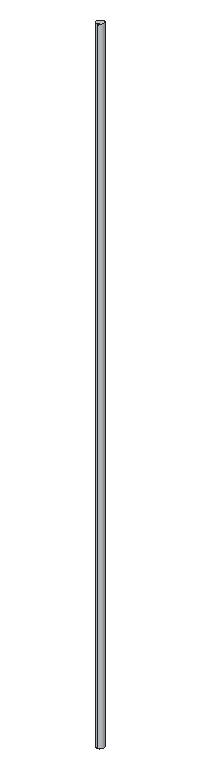
Revit family "Gewindestange, DIN 976-1 VA", category HLS-Bauteile, Revit 2023
Family settings
  Bemaßung runder Anschluss = Durchmesser verwenden
  Teiletyp = Normal
  Arbeitsebenenbasiert = Ja
  Immer vertikal = Nein
  Beim Laden mit Abzugskörper schneiden = Nein
  Beschriftungsausrichtung beibehalten = Nein
  Gemeinsam genutzt = Ja
  Raumberechnungspunkt = Nein
Parameters (values of type "Gewindestange DIN976-1 M12x1000 V4A")
  vpe = "25"
  Default Elevation = 1219.2 mm
  Regelhalter [instance] = ""
  Montagelänge [instance] = 1000 mm
  Mengeneinheit = "St"
  Materialname = "V4A"
  Material = "Edelstahl"
  Länge = 1000 mm
  Kurztext2 = "M12 x 1.000 mm"
  Kurztext1 = "Gewindestange DIN 976-1 V4A"
  Gewinde = "M12"
  Gewicht pro Stück [instance] = (Gewicht * Montagelänge / (1000 mm * 1000)) * 1000  # 0.749 kg
  Gewicht pro Bauteil [instance] = Gewicht  # 0.749 kg
  Gewicht = 0.749 kg
  Gesamtlänge [instance] = Montagelänge  # 1000 mm
  Gesamtgewicht [instance] = Gewicht pro Bauteil  # 0.749 kg
  Festigkeitsklasse = "4.6"
  Fabrikat = "MEFA"
  EAN = "4250928417077"
  D = 10.2 mm
  Artikelnummer = "0738512"
Types (8, lengths in mm): name | vpe | Materialname | Kurztext2 | Kurztext1 | Gewinde | Gewicht pro Stück | Gewicht pro Bauteil | Gewicht | Gesamtgewicht | EAN | D | Artikelnummer
  Gewindestange DIN976-1 M8x1000 V4A | "50" | "V4A" | "M8 x 1.000 mm" | "Gewindestange DIN 976-1 V4A" | "M8" | 0.333 kg | 0.333 kg | 0.333 kg | 0.333 kg | "4250928417053" | 6.5 | "0738508"
  Gewindestange DIN976-1 M10x1000 V2A | "25" | "V2A" | "M10 x 1.000 mm" | "Gewindestange DIN 976-1 V2A" | "M10" | 0.52 kg | 0.52 kg | 0.52 kg | 0.52 kg | "4250928417022" | 8.2 | "0738009"
  Gewindestange DIN976-1 M12x1000 V2A | "25" | "V2A" | "M12 x 1.000 mm" | "Gewindestange DIN 976-1 V2A" | "M12" | 0.749 kg | 0.749 kg | 0.749 kg | 0.749 kg | "4250928417039" | 10.2 | "0738012"
  Gewindestange DIN976-1 M16x1000 V2A | "10" | "V2A" | "M16 x 1.000 mm" | "Gewindestange DIN 976-1 V2A" | "M16" | 1.331 kg | 1.331 kg | 1.331 kg | 1.331 kg | "4250928417046" | 13.6 | "0738016"
  Gewindestange DIN976-1 M10x1000 V4A | "25" | "V4A" | "M10 x 1.000 mm" | "Gewindestange DIN 976-1 V4A" | "M10" | 0.52 kg | 0.52 kg | 0.52 kg | 0.52 kg | "4250928417060" | 8.2 | "0738510"
  Gewindestange DIN976-1 M8x1000 V2A | "50" | "V2A" | "M8 x 1.000 mm" | "Gewindestange DIN 976-1 V2A" | "M8" | 0.333 kg | 0.333 kg | 0.333 kg | 0.333 kg | "4250928417015" | 6.5 | "0738006"
  Gewindestange DIN976-1 M12x1000 V4A | "25" | "V4A" | "M12 x 1.000 mm" | "Gewindestange DIN 976-1 V4A" | "M12" | 0.749 kg | 0.749 kg | 0.749 kg | 0.749 kg | "4250928417077" | 10.2 | "0738512"
  Gewindestange DIN976-1 M16x1000 V4A | "10" | "V4A" | "M16 x 1.000 mm" | "Gewindestange DIN 976-1 V4A" | "M16" | 1.331 kg | 1.331 kg | 1.331 kg | 1.331 kg | "4250928417084" | 13.6 | "0738516"
Reference planes
  plane 1 "Mitte (Vorne/hinten)": y = 0
  plane 2: z = 0
  plane 3 "Mitte (Links/rechts)": x = 0
  plane 4: z = 1000
  plane 5: z = 0
Forms (mm)
  Extrusion 1, solid
    sketch origin (-41.08, -101.382, 240) x (0, 1, 0) y (-1, 0, 0)
      loop
        circle (101.286, -41.08) r 5.1
    from -240 to 760
Lines and regions (mm)
  model lines, not visible
    curve 1: line (9.299, 0, 1000) -> (-10.701, 0, 1000)
    curve 2: line (0, 15.717, 1000) -> (0, -4.283, 1000)
    curve 3: line (0, 10.717, 0) -> (0, -9.283, 0)
    curve 4: line (6.799, 0, 0) -> (-13.201, 0, 0)
    curve 5: line (0, 0, 1067.337) -> (0, 0, -112.663)
Dimensions and locks
  "Montagelänge": plane 5 to plane 4
  "D": diameter of Extrusion 1 sketch curve
  aligned and locked: level to plane 2
  aligned and locked: curve 5 to plane 1 "Mitte (Vorne/hinten)"
  aligned and locked: plane 3 "Mitte (Links/rechts)" to Extrusion 1
  aligned and locked: curve 5 to Extrusion 1
  aligned and locked: Extrusion 1 to plane 5
  aligned and locked: plane 4 to Extrusion 1
  aligned and locked: level to plane 5
Automatic sketch dimensions
  curve 3 to level = 0 mm
  curve 2 to plane 4 = 0 mm
  plane 1 "Mitte (Vorne/hinten)" to curve 3 = 9.283 mm
  plane 1 "Mitte (Vorne/hinten)" to curve 2 = 4.283 mm
  curve 3 to plane 1 "Mitte (Vorne/hinten)" = 10.717 mm
  curve 2 to plane 1 "Mitte (Vorne/hinten)" = 15.717 mm
  curve 4 to level = 0 mm
  curve 1 to plane 4 = 0 mm
  curve 1 to plane 3 "Mitte (Links/rechts)" = 10.701 mm
  curve 4 to plane 3 "Mitte (Links/rechts)" = 13.201 mm
  plane 3 "Mitte (Links/rechts)" to curve 4 = 6.799 mm
  plane 3 "Mitte (Links/rechts)" to curve 1 = 9.299 mm
  curve 5 to level = 112.663 mm
  plane 4 to curve 5 = 67.337 mm
  Extrusion 1 sketch curve to plane 3 "Mitte (Links/rechts)" = 0 mm
  plane 1 "Mitte (Vorne/hinten)" to Extrusion 1 sketch curve = 0.096 mm
